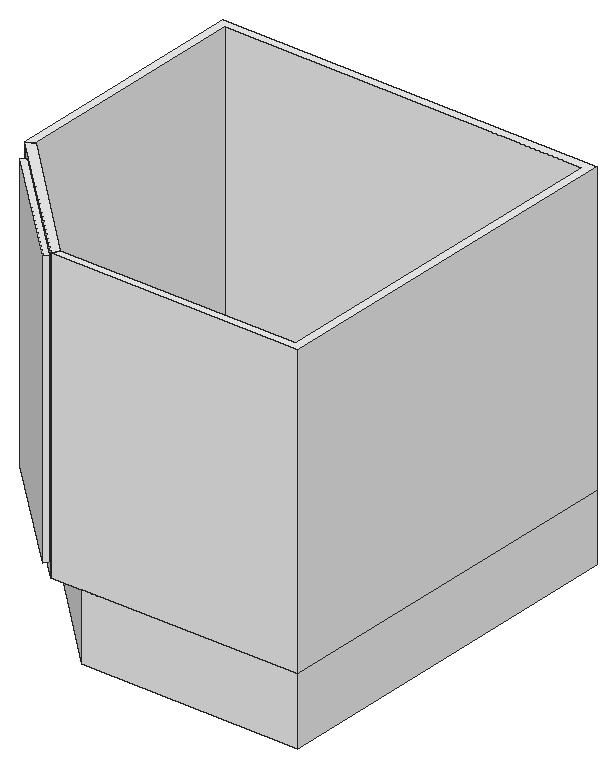
Revit family "Base Cabinet-Corner Unit-Angled (M)", category 케이스워크, Revit 2026
Family settings
  작업 기준면 기반 = 아니오
  항상 수직 = 예
  로드될 때 보이드를 사용하여 절단 = 아니오
  공유 = 아니오
  룸 계산 점 = 아니오
Parameters (values of type "900mm")
  기본 높이 = 0 mm
  Cabinet Material = none
  깊이 = 900 mm
  Door/Drawer Material = none
  높이 = 860 mm
  Plinth Height = 160 mm
  Width = 900 mm
Reference planes
  plane 1 "Back": y = 0
  plane 2: z = 0
  plane 3 "Left": x = -387.662
  plane 4 "Right": x = 512.338
  plane 5 "Front": y = -900
  plane 6 "Top": z = 860
  plane 7: z = 160
  plane 8: z = 840.95
  plane 9: z = 179.05
  plane 10: x = -368.612
  plane 11: x = 493.288
  plane 12: z = 802.85
  plane 13: z = 701.25
  plane 14: y = -595.2
  plane 15: x = -82.862
  plane 16: y = -519
  plane 17: x = -6.662
Forms (mm)
  Extrusion 1, solid, material <- "Cabinet Material"
    sketch origin (0, 0, 0) x (1, 0, 0) y (0, 1, 0)
      loop
        line (-387.662, 0) -> (-387.662, -519.622) -> (-6.662, -900) -> (512.338, -900) -> (512.338, 0) -> (-387.662, 0)
    from 0 to 160
  Extrusion 2, solid, material <- "Cabinet Material"
    sketch origin (0, 0, 0) x (1, 0, 0) y (0, 1, 0)
      loop
        line (-368.612, -19.05) -> (-368.612, -587.944) -> (-74.983, -880.95) -> (493.288, -880.95) -> (493.288, -19.05) -> (-368.612, -19.05)
    from 179.05 to 160
  Extrusion 3, solid, material <- "Cabinet Material"
    sketch origin (0, 0, 0) x (1, 0, 0) y (0, 1, 0)
      loop
        line (-387.662, 0) -> (-387.662, -595.846) -> (-368.612, -587.944) -> (-368.612, -19.05) -> (493.288, -19.05) -> (493.288, -880.95) -> (-74.983, -880.95) -> (-82.862, -900) -> (512.338, -900) -> (512.338, 0) -> (-387.662, 0)
    from 160 to 860
  Extrusion 4, solid, material "Cabinets"
    sketch origin (0, 0, 0) x (1, 0, 0) y (0, 1, 0)
      loop
        line (-387.662, -595.846) -> (-82.862, -900) -> (-74.983, -880.95) -> (-368.612, -587.944) -> (-387.662, -595.846)
    from 160 to 860
  Extrusion 5, void
    sketch origin (-387.662, -595.846, 860) x (0, 0, 1) y (0.707857, -0.706356, 0)
      loop
        line (-19.05, 30.942) -> (-19.05, 405.592) -> (-680.95, 405.592) -> (-680.95, 30.942) -> (-19.05, 30.942)
    from 0 to 19.05
  Extrusion 6, solid, material <- "Door/Drawer Material"
    sketch origin (-387.662, -595.846, 860) x (0, 0, -1) y (0.707857, -0.706356, 0)
      loop
        line (19.05, 30.942) -> (680.95, 30.942) -> (680.95, 405.592) -> (19.05, 405.592) -> (19.05, 30.942)
    from -19.05 to 12.7
Cuts and joins
  Extrusion 5 cuts Extrusion 1
  Extrusion 5 cuts Extrusion 2
  Extrusion 5 cuts Extrusion 3
  Extrusion 5 cuts Extrusion 4
Lines and regions (mm)
  symbolic lines, style "Plan Rep - Below"
    curve 1: line (512.338, -900, 0) -> (-100.842, -900, 0)
    curve 2: line (512.338, 0, 0) -> (512.338, -900, 0)
    curve 3: line (-387.662, 0, 0) -> (512.338, 0, 0)
    curve 4: line (-387.662, -613.788, 0) -> (-387.662, 0, 0)
    curve 5: line (-100.842, -900, 0) -> (-387.662, -613.788, 0)
Dimensions and locks
  "깊이": plane 5 "Front" to plane 1 "Back"
  "깊이": plane 3 "Left" to plane 4 "Right"
  "높이": level to plane 6 "Top"
  "Plinth Height": plane 2 to plane 7
  locked: plane 3 "Left" to plane 10 at 19.05
  locked: plane 11 to plane 4 "Right" at 19.05
  locked: plane 6 "Top" to plane 8 at 19.05
  locked: plane 9 to plane 7 at 19.05
  locked: plane 12 to plane 13 at 101.6
  plane 8 to plane 12 = 38.1 mm
  plane 5 "Front" to plane 14 = 304.8 mm
  plane 3 "Left" to plane 15 = 304.8 mm
  plane 14 to plane 16 = 76.2 mm
  plane 15 to plane 17 = 76.2 mm
  aligned and locked: plane 1 "Back" to Extrusion 1 sketch curve
  aligned and locked: plane 4 "Right" to Extrusion 1 sketch curve
  aligned and locked: Extrusion 1 sketch curve to plane 3 "Left"
  aligned and locked: Extrusion 1 to level
  aligned and locked: Extrusion 2 to plane 9
  aligned and locked: plane 7 to Extrusion 2
  aligned and locked: Extrusion 1 to plane 7
  aligned and locked: Extrusion 1 sketch curve to plane 5 "Front"
  aligned and locked: Extrusion 3 to plane 6 "Top"
  aligned and locked: plane 7 to Extrusion 3
  aligned and locked: Extrusion 4 to plane 6 "Top"
  aligned and locked: plane 7 to Extrusion 4
  aligned and locked: plane 8 to Extrusion 6 sketch curve
  aligned and locked: Extrusion 6 sketch curve to plane 9
  aligned and locked: Extrusion 6 to cut or joined group of Extrusion 2, Extrusion 5
  aligned and locked: Extrusion 6 to curve 5
Automatic sketch dimensions
  curve 3 to plane 1 "Back" = 0 mm
  curve 3 to plane 3 "Left" = 0 mm
  curve 5 to plane 5 "Front" = 0 mm
  curve 1 to plane 4 "Right" = 0 mm
  Extrusion 1 sketch curve to plane 17 = 0 mm
  plane 16 to Extrusion 1 sketch curve = 0.622 mm
  Extrusion 3 sketch curve to plane 1 "Back" = 0 mm
  Extrusion 3 sketch curve to plane 3 "Left" = 0 mm
  Extrusion 3 sketch curve to plane 10 = 0 mm
  Extrusion 3 sketch curve to plane 5 "Front" = 0 mm
  Extrusion 3 sketch curve to plane 15 = 0 mm
  Extrusion 3 sketch curve to plane 11 = 0 mm
  Extrusion 3 sketch curve to plane 4 "Right" = 0 mm
  plane 15 to Extrusion 3 sketch curve = 7.879 mm
  Extrusion 3 sketch curve to plane 5 "Front" = 19.05 mm
  plane 14 to Extrusion 3 sketch curve = 0.646 mm
  Extrusion 3 sketch curve to plane 14 = 7.256 mm
  plane 1 "Back" to Extrusion 3 sketch curve = 19.05 mm
  Extrusion 4 sketch curve to plane 3 "Left" = 0 mm
  Extrusion 4 sketch curve to plane 10 = 0 mm
  Extrusion 4 sketch curve to plane 5 "Front" = 0 mm
  Extrusion 4 sketch curve to plane 15 = 0 mm
  plane 15 to Extrusion 4 sketch curve = 7.879 mm
  Extrusion 4 sketch curve to plane 5 "Front" = 19.05 mm
  plane 14 to Extrusion 4 sketch curve = 0.646 mm
  Extrusion 4 sketch curve to plane 14 = 7.256 mm
  Extrusion 2 sketch curve to plane 10 = 0 mm
  Extrusion 2 sketch curve to plane 11 = 0 mm
  plane 15 to Extrusion 2 sketch curve = 7.879 mm
  Extrusion 2 sketch curve to plane 5 "Front" = 19.05 mm
  Extrusion 2 sketch curve to plane 14 = 7.256 mm
  plane 1 "Back" to Extrusion 2 sketch curve = 19.05 mm
  Extrusion 5 sketch curve to plane 9 = 0 mm
  Extrusion 5 sketch curve to plane 8 = 0 mm
  Extrusion 5 sketch curve to Extrusion 5 sketch curve = 374.65 mm
  Extrusion 6 sketch curve to Extrusion 6 sketch curve = 374.65 mm
